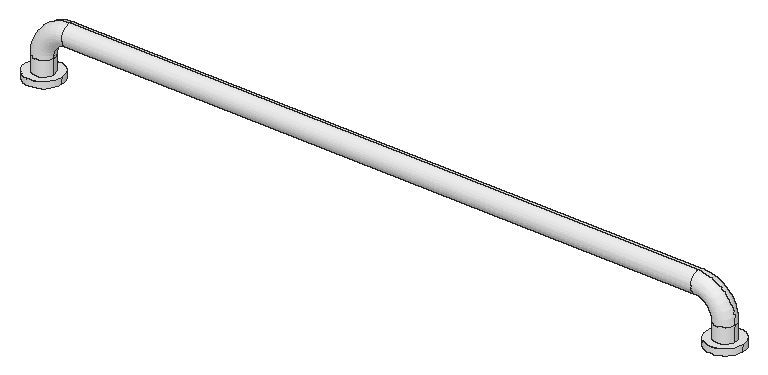
Revit family "Grab_Bar-Grohe-Essentials-40796001", category Specialty Equipment, host Face, Revit 2014
Parameters (values of type "40796001")
  Width = 3 139/256"
  Warranty Information = "Limited Lifetime Warranty"
  URL = "https://www.grohe.ca/en_ca/"
  Type Comments = ""
  Product Page URL = "https://www.grohe.ca/en_ca/essentials-grip-bar-40796001.html"
  Price = "Prices may vary. Please consult Manufacturer Representative for most up-to-date price list."  # constant formula
  Model = "40796001"
  Material = "Metal-Grohe-000-Chrome"
  Manufacturer = "GROHE"
  Length = 41 31/32"
  Installation Type = "Wall Mounted"
  Height = 2 1/4"
  Description = "Essentials Grip Bar"
  Default Elevation = 35 3/8"
  Creation Date = "07/013/2017"
  Assembly Code = "C1030200"
Reference planes (in)
  plane 1 "Center (Front/Back)": y = 0
  plane 2: z = 0
  plane 3 "Center (Left/Right)": x = 0
  plane 4: z = 3.54297
  plane 5: x = -20.98437
  plane 6: x = 20.98438
  plane 7: y = 1.125
  plane 8: y = 0.62992
  plane 9: y = -1.125
  plane 10: z = 3.54297
Forms (in)
  Extrusion 1, solid, material "Metal-Grohe-000-Chrome"
    sketch origin (0, 0, 0) x (1, 0, 0) y (0, 1, 0)
      loop
        circle (20.98438, 0) r 1.12162
      loop
        circle (-20.98437, 0) r 1.12162
    from 0 to 0.37402
  Sweep 2, solid, material "Metal-Grohe-000-Chrome"
    path origin (0, 0, 0) x (1, 0, 0) y (0, 0, 1)
      loop
        line (21.6143, 0.37402) -> (21.6143, 1.28879)
        arc (21.6143, 1.28879) -> (20.95406, 2.88273) -> (19.36012, 3.54297) r 2.25418
        line (19.36012, 3.54297) -> (-19.36012, 3.54297)
        arc (-19.36012, 3.54297) -> (-20.95406, 2.88273) -> (-21.6143, 1.28879) r 2.25418
        line (-21.6143, 1.28879) -> (-21.6143, 0.37402)
    profile origin (21.6143, 0, 0.8314) x (-1, 0, 0) y (0, -1, 0)
      loop
        circle (0.62992, 0) r 0.62992
Cuts and joins
  joined: Extrusion 1, Sweep 2
Lines and regions (in)
  Masking region 1
    outline origin (0, 0, 0) x (1, 0, 0) y (0, 0, 1)
      loop
        line (21.6143, 0.37402) -> (21.6143, 1.29297)
        arc (21.6143, 1.29297) -> (20.95529, 2.88396) -> (19.3643, 3.54297) r 2.25
        line (19.3643, 3.54297) -> (-19.3643, 3.54297)
        arc (-19.3643, 3.54297) -> (-20.95529, 2.88396) -> (-21.6143, 1.29297) r 2.25
        line (-21.6143, 1.29297) -> (-21.6143, 0.37402) -> (-22.10599, 0.37402) -> (-22.10599, 0) -> (-19.86276, 0) -> (-19.86276, 0.37402) -> (-20.35445, 0.37402) -> (-20.35445, 1.29297)
        arc (-20.35445, 1.29297) -> (-20.06156, 2.00008) -> (-19.35445, 2.29297) r 1
        line (-19.35445, 2.29297) -> (19.35445, 2.29297)
        arc (19.35445, 2.29297) -> (20.06156, 2.00008) -> (20.35445, 1.29297) r 1
        line (20.35445, 1.29297) -> (20.35445, 0.37402) -> (19.86276, 0.37402) -> (19.86276, 0) -> (22.10599, 0) -> (22.10599, 0.37402) -> (21.6143, 0.37402)
  symbolic lines, detail levels medium+fine
    curve 1: line (20.35445, 0, 0.37402) -> (21.6143, 0, 0.37402)
    curve 2: line (-20.35445, 0, 0.37402) -> (-21.6143, 0, 0.37402)
Dimensions and locks (in)
  equal spacing: plane 5, plane 3 "Center (Left/Right)", plane 6
  plane 8 to plane 1 "Center (Front/Back)" = 0.62992"
  equal spacing: plane 9, plane 1 "Center (Front/Back)", plane 7
  "Length": plane 5 to plane 6
  plane 9 to plane 7 = 2 1/4"
  "Width": plane 2 to plane 10
  aligned and locked: plane 2 to host face
  aligned and locked: level to host face
Automatic sketch dimensions
  host sketch curve to host sketch curve = 96"  (x2)
  plane 1 "Center (Front/Back)" to Extrusion 1 sketch curve = 0"  (x2)
  Extrusion 1 sketch curve to plane 5 = 0"
  Extrusion 1 sketch curve to plane 6 = 0"
  Masking region 1 sketch curve to level = 0"  (x2)
  Masking region 1 sketch curve to plane 5 = 1.62992"
  Masking region 1 sketch curve to Masking region 1 sketch curve = 0.00985"  (x2)
  level to Masking region 1 sketch curve = 0.37402"  (x4)
  Masking region 1 sketch curve to plane 5 = 1.12162"
  Masking region 1 sketch curve to Masking region 1 sketch curve = 0.4917"  (x4)
  plane 5 to Masking region 1 sketch curve = 0.62992"
  Masking region 1 sketch curve to plane 6 = 1.62992"
  plane 6 to Masking region 1 sketch curve = 0.62992"
  Masking region 1 sketch curve to Masking region 1 sketch curve = 0"  (x2)
  Masking region 1 sketch curve to plane 4 = 0"
  plane 5 to curve 2 = 0.62992"
  level to curve 1 = 0.37402"
  curve 2 to plane 5 = 0.62992"
  curve 1 to plane 6 = 0.62992"
  plane 6 to curve 1 = 0.62992"
  level to curve 2 = 0.37402"
  profile plane to Sweep 2 sketch curve = 0"
  Sweep 2 sketch curve to profile plane = 0.62992"
  Sweep 2 sketch curve to plane 4 = 0"
  plane 5 to Sweep 2 sketch curve = 0.62992"
  Sweep 2 sketch curve to plane 5 = 1.62426"
  Sweep 2 sketch curve to plane 6 = 1.62426"
  plane 6 to Sweep 2 sketch curve = 0.62992"
  level to Sweep 2 sketch curve = 0.37402"  (x2)
  radius of Extrusion 1 sketch curve = 1.12162"  (x2)
  radius of Sweep 2 sketch curve = 0.62992"
